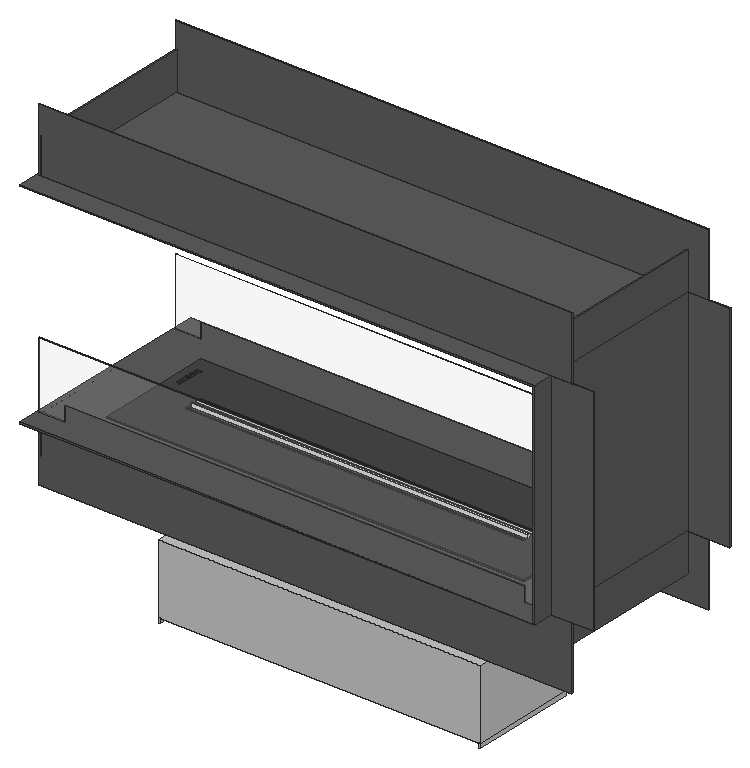
Revit family "1PLANIKA_FLA3_XL_CASING_FORMA_ROOM_DIVIDER", category Attrezzatura meccanica, host Muro, Revit 2017
Family settings
  Host = Muro
  Quota connettore circolare = Usa diametro
  Tipo di parte = Normale
  Sempre verticale = Sì
  Taglio con vuoti quando caricato = No
  Condiviso = No
  Punto di calcolo locali = Sì
Parameters (values of type "FLA3_XL_FORMA_1200_ROOM-DIVIDER")
  URL = "https://www.planikafires.com"
  TECHNICAL SHEET = "https://www.planikausa.com/indoor-ethanol-fireplaces/room-divider/forma-penisula/"
  PRODUCT SHEET = "https://www.archiproducts.com/en/products/planika/bioethanol-fireplace-insert-fla-3-xl-in-casing-forma_431074"
  POWER SUPPLY = 230 V
  NET WEIGHT = 77.90 kg
  Modello = "FLA3 XL in FORMA ROOM-DIVIDER"
  Produttore = "PLANIKA"
  MINIMUM ROOM CUBATURE = 81 m³
  MAXIMUM HEAT OUTPUT = 8.1 kWh
  MAXIMUM BURN TIME = "10 hours"
  MATERIAL DESCRIPTION = "Steel, galvanized steel, toughened glass."
  LENGTH = 1320 mm
  HEIGHT = 710 mm
  FUEL TYPE = "Bioethanol 86 - 96,6%"
  FUEL TANK CAPACITY = 17.2 L
  FORMA LENGTH = 1219 mm
  FLAME HEIGHT REGULATION = "6 stages"
  FLA 3 LENGTH = 990 mm
  FINISHING MATERIAL = Black painted steel -  Planika
  ENVIRONMENTAL PERFORMANCE = "Maximum heat output: 8.1 kWh"
  Descrizione = "FORMA room-divider fireplace is loved by architects and designers alike thanks to the freedom of design options it offers. With the zero clearance and self-contained construction,  everyone can now find a perfect solution customized to their needs. Sleek and elegant, it features three open sides, enabling the mesmerising flame to be admired from any direction. The captivating linear flame instantly transforms both residential and commercial spaces."
  DEPTH = 406 mm
  CASING FINISH = Black powder coated steel - Planika
  BIM USER MANUAL = "https://img.edilportale.com/bim/Planika-manual-Planika-bim.pdf"
  BIM BADGE = "https://bim.archiproducts.com/en/badge/bim-archiproducts-featured_658700/about"
  BIM AUTHOR = "https://bim.archiproducts.com"
  APPLICATION = "For indoor use only"
  AIR CHANGE RATE = "1 space volume per hour"
Types (6, lengths in mm): name | NET WEIGHT | MINIMUM ROOM CUBATURE | MAXIMUM HEAT OUTPUT | MAXIMUM BURN TIME | LENGTH | FUEL TANK CAPACITY | FORMA LENGTH | FLA 3 LENGTH | ENVIRONMENTAL PERFORMANCE
  FLA3_XL_FORMA_1200_ROOM-DIVIDER | 77.90 kg | 81 m³ | 8.1 kWh | "10 hours" | 1320 | 17.2 L | 1219 | 990 | "Maximum heat output: 8.1 kWh"
  FLA3_XL_FORMA_1000_ROOM-DIVIDER | 65.40 kg | 69 m³ | 6.9 kWh | "32 hours" | 1120 | 13.4 L | 1057 | 790 | "Maximum heat output: 6.9 kWh"
  FLA3_XL_FORMA_1500_ROOM-DIVIDER | 94.30 kg | 113 m³ | 11.2 kWh | "10 hours" | 1630 | 21.0 L | 1565 | 1190 | "Maximum heat output: 11.2 kWh"
  FLA3_XL_FORMA_1800_ROOM-DIVIDER | 110.90 kg | 150 m³ | 15 kWh | "10 hours" | 1930 | 26.8 L | 1870 | 1490 | "Maximum heat output: 15 kWh"
  FLA3_XL_FORMA_2300_ROOM-DIVIDER | 154.70 kg | 212 m³ | 21.2 kWh | "10 hours" | 2440 | 36.3 L | 2378 | 1990 | "Maximum heat output: 21.2 kWh"
  FLA3_XL_FORMA_2700_ROOM-DIVIDER | 227.30 kg | 275 m³ | 27.5 kWh | "10 hours" | 2800 | 45.9 L | 2733 | 2490 | "Maximum heat output: 27.5 kWh"
Reference planes
  plane 1 "Wall": y = 0
  plane 2 "Center (Left/Right)": x = 125
  plane 3 "Back": y = 253
  plane 4: x = 734.5
  plane 5: x = -484.5
Forms (mm)
  Extrusion 1, void
    sketch origin (125, 0, 0) x (0, 1, 0) y (0, 0, 1)
      loop
        line (-253, 1898.739) -> (-253, 1390.739) -> (253, 1390.739) -> (253, 1898.739) -> (-253, 1898.739)
    from -609.5 to 609.5
  Extrusion 2, void
    sketch origin (125, 0, 0) x (0, 1, 0) y (0, 0, 1)
      loop
        line (-125.097, 993.239) -> (125.1, 993.239) -> (125.1, 1390.739) -> (-125.097, 1390.739) -> (-125.097, 993.239)
    from -495 to 495
Text (mm)
  text "Placement Side" at (-1848.837, 1116.779, 0), in view "Ref. Level"
  text "Placement side" at (0, 1409.804, 2854.306), in view "Left"
  text "Placement side" at (0, 499.811, 2980.732), in view "Right"
Dimensions and locks
  locked: plane 3 "Back" to host wall
  equal spacing: plane 4, plane 2 "Center (Left/Right)", plane 5
  "FORMA LENGTH": plane 4 to plane 5
  locked: plane 3 "Back" to nested 2 at 253
  locked: plane 5 to Extrusion 2 at 114.5
  locked: Extrusion 2 to plane 4 at 114.5
  aligned and locked: plane 1 "Wall" to host wall
  aligned and locked: nested 1 to plane 2 "Center (Left/Right)"
  aligned and locked: nested 2 to plane 2 "Center (Left/Right)"
  aligned and locked: Extrusion 1 sketch curve to host wall
  aligned and locked: Extrusion 1 to plane 5
  aligned and locked: plane 4 to Extrusion 1
  aligned and locked: Extrusion 1 sketch curve to nested 1
  aligned and locked: Extrusion 2 sketch curve to nested 2  (x3)
  aligned and locked: Extrusion 2 sketch curve to nested 1
Automatic sketch dimensions
  Extrusion 1 sketch curve to Extrusion 1 sketch curve = 508 mm
  level to Extrusion 1 sketch curve = 1390.739 mm
Nested families
  nested 1: "CASING_FORMA" at (125, 203, 1644.739) x (-1, 0, 0) z (0, 1, 0), Length <- "FORMA LENGTH", MATERIAL <- "CASING FINISH", type "CASING_FORMA"
    with MATERIAL Black powder coated steel - Planika, Length 1219 mm
  nested 2: "FLA_3_XL" at (125, 0, 993.239) x (-1, 0, 0) z (0, 0, 1), Length <- "FLA 3 LENGTH", Material <- "FINISHING MATERIAL", type "FLA_3_XL"
Connectors
  electrical at (77.672, -98.443, 1213.239), driven by "POWER SUPPLY"
    settings: on nested 2, index 1, voltage 230 V, apparent load 0 VA, apparent load phase1 0 VA, apparent load phase2 0 VA, apparent load phase3 0 VA, power factor 1, load classification "Power", number of poles 1, system type 31, power factor state 1, is connector primary yes, connector utility no, sub classification motor no, connector description ""
Definition of nested family "CASING_FORMA"
  Parameters (values of type "CASING_FORMA")
    Width = 406 mm
    Height = 688 mm
    Length [instance] = 1219 mm
    MATERIAL [instance] = none
    Default Elevation = 1219.2 mm
  Reference planes
    plane 1 "Center (Front/Back)": y = 0
    plane 2: z = 0
    plane 3 "Center (Left/Right)": x = 0
    plane 4: x = -609.5
    plane 5: x = 609.5
    plane 6: y = 344
    plane 7: y = -344
    plane 8: z = -406
  Forms (mm)
    Extrusion 1, solid, material <- "MATERIAL", detail levels fine
      sketch origin (0, 0, 0) x (1, 0, 0) y (0, 1, 0)
        loop
          line (-709.5, -254) -> (-609.5, -254) -> (-609.5, 254) -> (-709.5, 254) -> (-709.5, -254)
      from -2.5 to 0
    Extrusion 2, solid, material <- "MATERIAL", detail levels fine
      sketch origin (0, 0, 0) x (1, 0, 0) y (0, 1, 0)
        loop
          line (-659.5, 254) -> (604.5, 254) -> (604.5, 404) -> (-659.5, 404) -> (-659.5, 254)
      from -2.5 to 0
    Extrusion 3, solid, material <- "MATERIAL", detail levels fine
      sketch origin (0, 300, 0) x (1, 0, 0) y (0, 1, 0)
        loop
          line (-659.5, -554) -> (-659.5, -704) -> (604.5, -704) -> (604.5, -554) -> (-659.5, -554)
      from -2.5 to 0
    Extrusion 4, solid, material <- "MATERIAL", detail levels fine
      sketch origin (0, 0, 0) x (1, 0, 0) y (0, 0, 1)
        loop
          line (604.5, -2.5) -> (602, -2.5) -> (602, -403.5) -> (604.5, -403.5) -> (604.5, -2.5)
        loop
          line (-609.5, -2.5) -> (-609.5, -403.5) -> (-607, -403.5) -> (-607, -2.5) -> (-609.5, -2.5)
      from -344 to -254
    Extrusion 5, solid, material <- "MATERIAL", detail levels fine
      sketch origin (-10, 0, 0) x (1, 0, 0) y (0, 0, 1)
        loop
          line (614.5, -2.5) -> (612, -2.5) -> (612, -403.5) -> (614.5, -403.5) -> (614.5, -2.5)
        loop
          line (-599.5, -2.5) -> (-599.5, -403.5) -> (-597, -403.5) -> (-597, -2.5) -> (-599.5, -2.5)
      from 254 to 344
    Extrusion 6, solid, material <- "MATERIAL", detail levels fine
      sketch origin (0, 0, 0) x (1, 0, 0) y (0, 1, 0)
        loop
          line (-659.5, 254) -> (604.5, 254) -> (604.5, 404) -> (-659.5, 404) -> (-659.5, 254)
      from -403.5 to -406
    Extrusion 7, solid, material <- "MATERIAL", detail levels fine
      sketch origin (0, 0, 0) x (1, 0, 0) y (0, 1, 0)
        loop
          line (-659.5, -404) -> (604.5, -404) -> (604.5, -254) -> (-659.5, -254) -> (-659.5, -404)
      from -403.5 to -406
    Extrusion 8, solid, material <- "MATERIAL", detail levels fine
      sketch origin (0, 0, 0) x (1, 0, 0) y (0, 1, 0)
        loop
          line (-609.5, -254) -> (-609.5, 254) -> (-709.5, 254) -> (-709.5, -254) -> (-609.5, -254)
      from -406 to -403.5
    Extrusion 9, solid, material <- "MATERIAL", detail levels medium+fine
      sketch origin (0, 0, 0) x (1, 0, 0) y (0, 1, 0)
        loop
          line (-609.5, -254) -> (609.5, -254) -> (609.5, -251.5) -> (-607, -251.5) -> (-607, 251.5) -> (609.5, 251.5) -> (609.5, 254) -> (-609.5, 254) -> (-609.5, -254)
      from 50 to -456
    Extrusion 10, solid, detail levels fine
      sketch origin (0, 0, 0) x (1, 0, 0) y (0, 1, 0)
        loop
          line (-607, -251.5) -> (-547, -251.5) -> (-547, -216.5) -> (544.5, -216.5) -> (544.5, -251.5) -> (604.5, -251.5) -> (604.5, -91.5) -> (-607, -91.5) -> (-607, -251.5)
      from 0 to -2.5
    Extrusion 11, solid, detail levels fine
      sketch origin (100, 0, 0) x (1, 0, 0) y (0, 1, 0)
        loop
          line (-707, -251.5) -> (-647, -251.5) -> (-647, -216.5) -> (444.5, -216.5) -> (444.5, -251.5) -> (504.5, -251.5) -> (504.5, -91.5) -> (-707, -91.5) -> (-707, -251.5)
      from -406 to -403.5
  Dimensions and locks
    "Length": plane 4 to plane 5
    equal spacing: plane 4, plane 3 "Center (Left/Right)", plane 5
    equal spacing: plane 7, plane 1 "Center (Front/Back)", plane 6
    "Height": plane 7 to plane 6
    "Width": plane 2 to plane 8
    locked: Extrusion 1 sketch curve to plane 4 at 100
    locked: Extrusion 2 sketch curve to plane 4 at 50
    locked: Extrusion 2 sketch curve to plane 5 at 5
    Extrusion 2 sketch curve to plane 6 to Extrusion 2 sketch curve = 60 mm locked, 90 mm locked
    locked: Extrusion 3 sketch curve to plane 4 at 50
    locked: Extrusion 3 sketch curve to plane 5 at 5
    Extrusion 3 sketch curve to plane 7 to Extrusion 3 sketch curve = 90 mm locked, 60 mm locked
    locked: Extrusion 3 to Extrusion 3 at 2.5
    locked: Extrusion 2 to Extrusion 2 at 2.5
    locked: Extrusion 7 to Extrusion 7 at 2.5
    locked: Extrusion 9 sketch curve to Extrusion 9 sketch curve at 2.5  (x3)
    locked: Extrusion 9 to plane 2 at 50
    locked: plane 8 to Extrusion 9 at 50
    locked: Extrusion 5 sketch curve to Extrusion 4 at 2.5
    locked: Extrusion 10 sketch curve to plane 5 at 5
    locked: Extrusion 10 sketch curve to Extrusion 10 sketch curve at 60  (x2)
    Extrusion 10 sketch curve to Extrusion 10 sketch curve to Extrusion 10 sketch curve = 35 mm locked, 125 mm locked
    locked: Extrusion 11 sketch curve to Extrusion 11 sketch curve at 60  (x2)
    Extrusion 11 sketch curve to Extrusion 11 sketch curve to Extrusion 11 sketch curve = 35 mm locked, 125 mm locked
    locked: Extrusion 11 sketch curve to plane 5 at 5
    aligned and locked: level to plane 2
    aligned and locked: plane 4 to Extrusion 1 sketch curve
    aligned and locked: Extrusion 1 sketch curve to Extrusion 2
    aligned and locked: Extrusion 1 sketch curve to Extrusion 3
    aligned and locked: plane 2 to Extrusion 2
    aligned and locked: plane 2 to Extrusion 3
    aligned and locked: Extrusion 4 sketch curve to plane 4
    aligned and locked: plane 7 to Extrusion 5
    aligned and locked: Extrusion 5 to Extrusion 3  (x2)
    aligned and locked: Extrusion 3 to Extrusion 4 sketch curve  (x2)
    aligned and locked: Extrusion 3 to Extrusion 5 sketch curve  (x2)
    aligned and locked: Extrusion 6 sketch curve to Extrusion 2  (x2)
    aligned and locked: Extrusion 2 to Extrusion 6 sketch curve
    aligned and locked: Extrusion 7 sketch curve to Extrusion 3  (x2)
    aligned and locked: Extrusion 3 to Extrusion 7 sketch curve
    aligned and locked: Extrusion 8 sketch curve to Extrusion 1  (x3)
    aligned and locked: plane 8 to Extrusion 7
    aligned and locked: plane 8 to Extrusion 6
    aligned and locked: Extrusion 6 to Extrusion 7
    aligned and locked: Extrusion 3 to Extrusion 1
    aligned and locked: plane 8 to Extrusion 8
    aligned and locked: Extrusion 8 to Extrusion 7
    aligned and locked: Extrusion 9 sketch curve to plane 4
    aligned and locked: Extrusion 9 sketch curve to Extrusion 2
    aligned and locked: Extrusion 9 sketch curve to Extrusion 3
    aligned and locked: Extrusion 9 to Extrusion 5  (x2)
    aligned and locked: plane 2 to Extrusion 1
    aligned and locked: plane 5 to Extrusion 9 sketch curve  (x2)
    aligned and locked: Extrusion 2 to Extrusion 4
    aligned and locked: Extrusion 4 to Extrusion 5
    aligned and locked: Extrusion 10 sketch curve to Extrusion 9  (x2)
    aligned and locked: Extrusion 11 to Extrusion 9  (x3)
    aligned and locked: Extrusion 10 to Extrusion 3
    aligned and locked: Extrusion 3 to Extrusion 10
    aligned and locked: Extrusion 7 to Extrusion 11
    aligned and locked: Extrusion 11 to Extrusion 7
  Automatic sketch dimensions
    plane 4 to Extrusion 4 sketch curve = 2.5 mm
    plane 5 to Extrusion 4 sketch curve = 7.5 mm
    Extrusion 4 sketch curve to Extrusion 4 sketch curve = 2.5 mm
    plane 8 to Extrusion 4 sketch curve = 2.5 mm  (x2)
    Extrusion 5 sketch curve to plane 4 = 0 mm
    plane 4 to Extrusion 5 sketch curve = 2.5 mm
    Extrusion 5 sketch curve to Extrusion 5 sketch curve = 2.5 mm
    plane 8 to Extrusion 5 sketch curve = 2.5 mm  (x2)
    plane 5 to Extrusion 6 sketch curve = 5 mm
    plane 5 to Extrusion 7 sketch curve = 5 mm
    Extrusion 8 sketch curve to plane 7 = 90 mm
    Extrusion 10 sketch curve to plane 7 = 92.5 mm
    plane 4 to Extrusion 11 sketch curve = 2.5 mm
    Extrusion 11 sketch curve to plane 7 = 92.5 mm  (x2)
Definition of nested family "FLA_3_XL"
  Parameters (values of type "FLA_3_XL")
    URL = ""
    Model = ""
    Material [instance] = none
    Manufacturer = ""
    Length [instance] = 990 mm
    Description = ""
    Default Elevation = 1219.2 mm
  Reference planes
    plane 1 "Center (Front/Back)": y = 0
    plane 2: z = 0
    plane 3 "Center (Left/Right)": x = 0
    plane 4: x = -495
    plane 5: x = 495
    plane 6: x = -400
    plane 7: x = 400
    plane 8: x = -447.5
    plane 9: x = 447.5
    plane 10 "Level 1": z = 0
    plane 11: z = 455.862
  Forms (mm)
    Extrusion 1, solid, material <- "Material", detail levels fine
      sketch origin (0, 0, 0) x (0, 1, 0) y (-1, 0, 0)
        loop
          line (-139.982, 495) -> (-139.982, -495) -> (139.98, -495) -> (139.98, 495) -> (-139.982, 495)
        loop
          line (-19.978, 400) -> (-19.978, -400) -> (23.031, -400) -> (23.031, 400) -> (-19.978, 400)
        loop
          line (-72.434, 475) -> (-101.434, 475) -> (-101.434, 470) -> (-72.434, 470) -> (-72.434, 475)
        loop
          line (-72.434, 468) -> (-101.434, 468) -> (-101.434, 463) -> (-72.434, 463) -> (-72.434, 468)
        loop
          line (-41.457, 475) -> (-70.457, 475) -> (-70.457, 470) -> (-41.457, 470) -> (-41.457, 475)
        loop
          line (-41.457, 468) -> (-70.457, 468) -> (-70.457, 463) -> (-41.457, 463) -> (-41.457, 468)
        loop
          line (-70.457, -475) -> (-41.457, -475) -> (-41.457, -470) -> (-70.457, -470) -> (-70.457, -475)
        loop
          line (-70.457, -468) -> (-41.457, -468) -> (-41.457, -463) -> (-70.457, -463) -> (-70.457, -468)
        loop
          line (-101.434, -475) -> (-72.434, -475) -> (-72.434, -470) -> (-101.434, -470) -> (-101.434, -475)
        loop
          line (-101.434, -468) -> (-72.434, -468) -> (-72.434, -463) -> (-101.434, -463) -> (-101.434, -468)
      from 400 to 403
    Extrusion 2, solid, detail levels fine
      sketch origin (0, 0, 0) x (0, 1, 0) y (-1, 0, 0)
        loop
          line (125.097, -480) -> (125.097, 480) -> (-125.1, 480) -> (-125.1, -480) -> (125.097, -480)
        loop
          line (-122.1, -477) -> (122.097, -477) -> (122.097, 477) -> (-122.1, 477) -> (-122.1, -477)
      from 220 to 400
    Extrusion 3, solid, detail levels fine
      sketch origin (-500, 1995.821, 1200) x (0, 1, 0) y (0, 0, 1)
        loop
          arc (-1972.79, -797) -> (-1977.026, -798.755) -> (-1978.781, -802.99) r 5.99
          line (-1978.781, -802.99) -> (-1978.781, -820.489) -> (-1976.085, -820.489) -> (-1976.085, -802.99)
          arc (-1976.085, -802.99) -> (-1975.12, -800.661) -> (-1972.79, -799.696) r 3.294
          line (-1972.79, -799.696) -> (-1972.79, -797)
        loop
          line (-2015.801, -797) -> (-2015.801, -799.696)
          arc (-2015.801, -799.696) -> (-2013.472, -800.661) -> (-2012.507, -802.99) r 3.294
          line (-2012.507, -802.99) -> (-2012.507, -820.489) -> (-2009.81, -820.489) -> (-2009.81, -802.99)
          arc (-2009.81, -802.99) -> (-2011.565, -798.755) -> (-2015.801, -797) r 5.99
      from 100 to 900
    Extrusion 4, solid, detail levels fine
      sketch origin (0, 0, 0) x (0, 1, 0) y (-1, 0, 0)
        loop
          line (122.097, 477) -> (-122.1, 477) -> (-122.1, -477) -> (122.097, -477) -> (122.097, 477)
      from 220 to 223
    Extrusion 5, solid, detail levels medium
      sketch origin (0, 0, 0) x (0, 1, 0) y (-1, 0, 0)
        loop
          line (-139.982, 495) -> (-139.982, -495) -> (139.98, -495) -> (139.98, 495) -> (-139.982, 495)
      from 0 to 400
    Extrusion 6, solid, detail levels fine
      sketch origin (-447.5, 1994.334, 1200) x (0, 1, 0) y (0, 0, 1)
        loop
          line (-1984.329, -792.199) -> (-1989.312, -792.199) -> (-1989.312, -795.189) -> (-1985.824, -795.189) -> (-1985.824, -802.166) -> (-2002.767, -802.166) -> (-2002.767, -795.189) -> (-1999.279, -795.189) -> (-1999.279, -792.199) -> (-2004.262, -792.199) -> (-2004.262, -822.1) -> (-1984.329, -822.1) -> (-1984.329, -792.199)
      from 47.5 to 847.5
    Extrusion 7, solid, detail levels fine
      sketch origin (0, 0, 0) x (0, 1, 0) y (-1, 0, 0)
        loop
          line (127, 381) -> (-127, 381) -> (-127, -381) -> (127, -381) -> (127, 381)
      from 10 to 176
    Extrusion 8, solid, detail levels fine
      sketch origin (96, 0, 0) x (1, 0, 0) y (0, 1, 0)
        loop
          line (-477, -127) -> (-474, -127) -> (-474, 127) -> (-477, 127) -> (-477, -127)
      from 0 to 10
    Extrusion 9, solid, detail levels fine
      sketch origin (-225, 0, 0) x (-1, 0, 0) y (0, -1, 0)
        loop
          line (-606, 127) -> (-606, -127) -> (-603, -127) -> (-603, 127) -> (-606, 127)
      from 0 to 10
    Extrusion 10, solid, detail levels fine
      sketch origin (0, 0, 0) x (1, 0, 0) y (0, 1, 0)
        loop
          line (32.328, 108.443) -> (32.328, 88.443) -> (62.328, 88.443) -> (62.328, 108.443) -> (32.328, 108.443)
      from 220 to 223
  Lines and regions (mm)
    model lines, detail levels coarse+medium
      curve 1: line (-495, -139.982, 0) -> (495, -139.982, 0)
      curve 2: line (-495, 139.98, 0) -> (-495, -139.982, 0)
      curve 3: line (495, 139.98, 0) -> (-495, 139.98, 0)
      curve 4: line (495, -139.982, 0) -> (495, 139.98, 0)
    model lines, detail levels medium
      curve 5: line (-400, -19.978, 0) -> (400, -19.978, 0)
      curve 6: line (-400, 23.031, 0) -> (-400, -19.978, 0)
      curve 7: line (400, 23.031, 0) -> (-400, 23.031, 0)
      curve 8: line (400, -19.978, 0) -> (400, 23.031, 0)
      curve 9: line (-447.5, -39.875, 0) -> (447.5, -39.875, 0)
      curve 10: line (-447.5, -34.075, 0) -> (-447.5, -39.875, 0)
      curve 11: line (447.5, -34.075, 0) -> (-447.5, -34.075, 0)
      curve 12: line (447.5, -39.875, 0) -> (447.5, -34.075, 0)
  Dimensions and locks
    equal spacing: plane 4, plane 3 "Center (Left/Right)", plane 5
    "Length": plane 4 to plane 5
    locked: plane 4 to plane 6 at 95
    locked: plane 7 to plane 5 at 95
    equal spacing: plane 4, plane 8, plane 6
    equal spacing: plane 7, plane 9, plane 5
    Extrusion 6 sketch curve to Extrusion 6 sketch curve to Extrusion 6 sketch curve to Extrusion 6 sketch curve = 19.934 mm locked, 6.977 mm locked, 2.99 mm locked
    locked: plane 10 "Level 1" to Extrusion 6 sketch curve at 377.9
    Extrusion 3 sketch curve to Extrusion 3 sketch curve to Extrusion 3 sketch curve to plane 10 "Level 1" = 2.696 mm locked, 20.792 mm locked, 379.511 mm locked
    locked: Extrusion 10 to Extrusion 10 at 3
    locked: plane 11 to plane 2 at 455.862
    Extrusion 7 to plane 3 "Center (Left/Right)" to Extrusion 7 = 381 mm locked, 381 mm locked
    locked: Extrusion 8 sketch curve to Extrusion 8 sketch curve at 3
    locked: Extrusion 9 sketch curve to Extrusion 9 sketch curve at 3
    aligned and locked: level to plane 2
    aligned and locked: Extrusion 1 sketch curve to plane 4
    aligned and locked: plane 5 to Extrusion 1 sketch curve
    aligned and locked: Extrusion 3 to plane 6
    aligned and locked: plane 7 to Extrusion 3
    aligned and locked: Extrusion 5 sketch curve to Extrusion 1  (x2)
    aligned and locked: curve 2 to Extrusion 1
    aligned and locked: curve 4 to Extrusion 1
    aligned and locked: curve 6 to Extrusion 1
    aligned and locked: Extrusion 6 to Extrusion 1  (x2)
    aligned and locked: Extrusion 1 sketch curve to plane 7
    aligned and locked: Extrusion 2 to Extrusion 10
    aligned and locked: plane 4 to nested 1
    aligned and locked: nested 1 to Extrusion 1  (x2)
    aligned and locked: nested 2 to plane 11
    aligned and locked: nested 2 to plane 2
    aligned and locked: plane 4 to nested 2
    aligned and locked: plane 5 to nested 2
    aligned and locked: nested 3 to plane 11
    aligned and locked: nested 3 to plane 2
    aligned and locked: nested 3 to Extrusion 5  (x2)
    aligned and locked: Extrusion 8 to Extrusion 7
    aligned and locked: Extrusion 9 to Extrusion 7
  Automatic sketch dimensions
    curve 7 to plane 7 = 0 mm
    plane 1 "Center (Front/Back)" to curve 1 = 139.982 mm
    plane 1 "Center (Front/Back)" to curve 9 = 39.875 mm
    curve 9 to curve 11 = 5.8 mm
    plane 1 "Center (Front/Back)" to curve 6 = 19.978 mm
    curve 8 to plane 1 "Center (Front/Back)" = 23.031 mm
    curve 3 to plane 1 "Center (Front/Back)" = 139.98 mm
    Extrusion 1 sketch curve to plane 6 = 0 mm
    plane 1 "Center (Front/Back)" to Extrusion 1 sketch curve = 139.982 mm
    Extrusion 1 sketch curve to plane 5 = 20 mm  (x2)
    Extrusion 1 sketch curve to Extrusion 1 sketch curve = 38.548 mm  (x2)
    Extrusion 1 sketch curve to Extrusion 1 sketch curve = 0 mm  (x10)
    Extrusion 1 sketch curve to plane 8 = 15.5 mm
    Extrusion 1 sketch curve to Extrusion 1 sketch curve = 29 mm  (x4)
    Extrusion 1 sketch curve to Extrusion 1 sketch curve = 1.977 mm  (x4)
    plane 1 "Center (Front/Back)" to Extrusion 1 sketch curve = 19.978 mm
    Extrusion 1 sketch curve to plane 1 "Center (Front/Back)" = 23.031 mm
    Extrusion 1 sketch curve to plane 1 "Center (Front/Back)" = 139.98 mm
    Extrusion 1 sketch curve to Extrusion 1 sketch curve = 5 mm  (x7)
    Extrusion 1 sketch curve to Extrusion 1 sketch curve = 2 mm  (x2)
    plane 4 to Extrusion 2 sketch curve = 15 mm
    plane 1 "Center (Front/Back)" to Extrusion 2 sketch curve = 125.1 mm
    Extrusion 2 sketch curve to Extrusion 2 sketch curve = 3 mm  (x4)
    Extrusion 2 sketch curve to plane 5 = 18 mm
    Extrusion 2 sketch curve to plane 1 "Center (Front/Back)" = 122.097 mm
    Extrusion 3 sketch curve to Extrusion 3 sketch curve = 0 mm  (x3)
    plane 1 "Center (Front/Back)" to Extrusion 3 sketch curve = 19.98 mm
    plane 1 "Center (Front/Back)" to Extrusion 3 sketch curve = 16.685 mm
    Extrusion 3 sketch curve to plane 1 "Center (Front/Back)" = 17.041 mm
    Extrusion 3 sketch curve to Extrusion 3 sketch curve = 2.696 mm
    Extrusion 3 sketch curve to Extrusion 3 sketch curve = 3.294 mm
    Extrusion 3 sketch curve to Extrusion 3 sketch curve = 17.498 mm
    plane 4 to Extrusion 4 sketch curve = 18 mm
    plane 1 "Center (Front/Back)" to Extrusion 4 sketch curve = 122.1 mm
    Extrusion 4 sketch curve to plane 1 "Center (Front/Back)" = 122.097 mm
    Extrusion 4 sketch curve to plane 5 = 18 mm
    plane 1 "Center (Front/Back)" to Extrusion 5 sketch curve = 139.982 mm
    Extrusion 5 sketch curve to plane 1 "Center (Front/Back)" = 139.98 mm
    plane 1 "Center (Front/Back)" to Extrusion 6 sketch curve = 9.928 mm
    plane 1 "Center (Front/Back)" to Extrusion 6 sketch curve = 8.433 mm
    Extrusion 6 sketch curve to Extrusion 6 sketch curve = 3.488 mm  (x2)
    Extrusion 6 sketch curve to plane 1 "Center (Front/Back)" = 5.022 mm
    Extrusion 6 sketch curve to Extrusion 6 sketch curve = 1.495 mm
    Extrusion 6 sketch curve to Extrusion 6 sketch curve = 6.977 mm
    Extrusion 6 sketch curve to Extrusion 6 sketch curve = 2.99 mm
    plane 6 to Extrusion 7 sketch curve = 19 mm
    plane 1 "Center (Front/Back)" to Extrusion 7 sketch curve = 127 mm
    Extrusion 7 sketch curve to plane 1 "Center (Front/Back)" = 127 mm
    Extrusion 7 sketch curve to plane 7 = 19 mm
    plane 6 to Extrusion 8 sketch curve = 19 mm
    plane 1 "Center (Front/Back)" to Extrusion 8 sketch curve = 127 mm
    Extrusion 8 sketch curve to plane 1 "Center (Front/Back)" = 127 mm
    plane 7 to Extrusion 9 sketch curve = 19 mm
    Extrusion 9 sketch curve to plane 1 "Center (Front/Back)" = 127 mm
    plane 1 "Center (Front/Back)" to Extrusion 9 sketch curve = 127 mm
    plane 3 "Center (Left/Right)" to Extrusion 10 sketch curve = 32.328 mm
    Extrusion 10 sketch curve to Extrusion 10 sketch curve = 30 mm
    Extrusion 10 sketch curve to plane 1 "Center (Front/Back)" = 88.443 mm
    Extrusion 10 sketch curve to Extrusion 10 sketch curve = 20 mm
    curve 10 to plane 8 = 0 mm
    curve 9 to plane 9 = 0 mm
  Nested families
    nested 1: "FIREPLACE_SYMBOL_detail item" at (175, -0.001, 0), type "FIREPLACE_SYMBOL_detail item", detail levels coarse
      with WIDTH 1340 mm, HEIGHT 279.962 mm
    nested 2: "FIREPLACE_SYMBOL_detail item" at (0, 0, 227.931) x (1, 0, 0) z (0, -1, 0), type "FIREPLACE_SYMBOL_detail item", detail levels coarse
      with WIDTH 990 mm, HEIGHT 455.862 mm
    nested 3: "FIREPLACE_SYMBOL_detail item" at (0, -0.001, 227.931) x (0, 1, 0) z (1, 0, 0), type "FIREPLACE_SYMBOL_detail item", detail levels coarse
      with WIDTH 279.962 mm, HEIGHT 455.862 mm
  Connectors
    electrical at (47.328, 98.443, 220)
      settings: on Extrusion 10, index 1, voltage 230 V, apparent load 0 VA, apparent load phase1 0 VA, apparent load phase2 0 VA, apparent load phase3 0 VA, power factor 1, load classification none, number of poles 1, system type 31, power factor state 1, is connector primary yes, connector utility no, sub classification motor no, connector description ""
  Definition of nested family "FIREPLACE_SYMBOL_detail item"
    Parameters (values of type "FIREPLACE_SYMBOL_detail item")
      WIDTH [instance] = 500 mm
      HEIGHT [instance] = 500 mm
    Reference planes
      plane 1 "Center (Front/Back)": y = 0
      plane 2: z = 0
      plane 3 "Center (Left/Right)": x = 0
      plane 4: x = 250
      plane 5: x = -250
      plane 6: y = 250
      plane 7: y = -250
    Lines and regions (mm)
      Filled region 1, type "Concrete", in view "Ref. Level"
        outline origin (-246.617, 90, 0) x (1, 0, 0) y (0, 1, 0)
          loop
            line (-3.383, -340) -> (496.617, -340) -> (496.617, 160) -> (-3.383, -340)
      detail lines, in view "Ref. Level"
        curve 1: line (-250, 250, 0) -> (250, 250, 0)
        curve 2: line (-250, -250, 0) -> (-250, 250, 0)
        curve 3: line (250, -250, 0) -> (-250, -250, 0)
        curve 4: line (250, 250, 0) -> (250, -250, 0)
    Dimensions and locks
      equal spacing: plane 5, plane 3 "Center (Left/Right)", plane 4
      equal spacing: plane 7, plane 1 "Center (Front/Back)", plane 6
      "WIDTH": plane 5 to plane 4
      "HEIGHT": plane 7 to plane 6
      aligned and locked: plane 6 to curve 1
      aligned and locked: plane 5 to curve 2
      aligned and locked: curve 3 to plane 7
      aligned and locked: curve 4 to plane 4
      aligned and locked: plane 6 to Filled region 1 sketch curve
      aligned and locked: plane 5 to Filled region 1 sketch curve
      aligned and locked: Filled region 1 sketch curve to plane 4
      aligned and locked: plane 7 to Filled region 1 sketch curve
